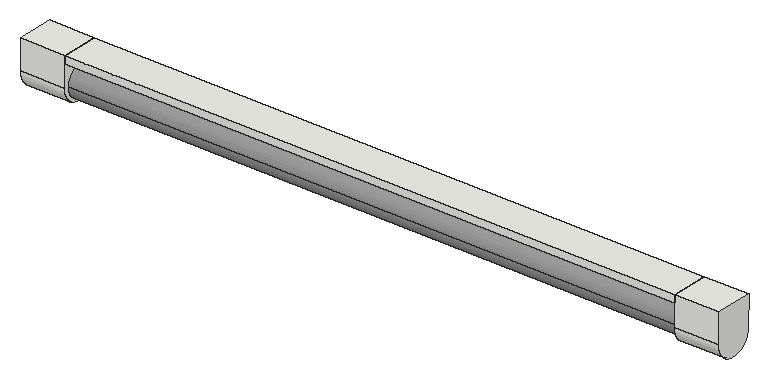
Revit family
Parameters (values of type "300mm")
  Wattage = 2.01963 W
  built-in parameter 1150110 = 1 (stored number, unit not read)
  built-in parameter 1114217 = 1 (stored number, unit not read)
  built-in parameter 1150109 = 1 (stored number, unit not read)
  built-in parameter 1150134 = 3
  built-in parameter 1150113 = 1 (stored number, unit not read)
  Material Tube = Glass - White, High Luminance
  Material Fitting = Metal - Paint Finish - Ivory,Glossy
  built-in parameter 1150105 = 23.873 (stored number, unit not read)
  built-in parameter 1150115 = 1 (stored number, unit not read)
  Light Source Symbol Size = 609.60 mm
  built-in parameter 1150137 = (empty or 0)
  built-in parameter 1150139 = (empty or 0)
  built-in parameter 1150112 = 1 (stored number, unit not read)
  built-in parameter 1150114 = 1 (stored number, unit not read)
  Lamp = ""
  Length = 300.00 mm
  Light Elevation = 1350.00 mm
  Lumens = 300 lm
  Wattage Comments = "5"
  Keynote = "V"
  built-in parameter 1150132 = 2
  built-in parameter 1150102 = (empty or 0)
  built-in parameter 1150107 = 3200 (stored number, unit not read)
  built-in parameter 1150138 = (empty or 0)
  built-in parameter 1150106 = 0.23873 (stored number, unit not read)
  Emit from Line Length = 261.90 mm
  built-in parameter 1150104 = 13.8 (stored number, unit not read)
  Dimming Lamp Color Temperature Shift = (empty or 0)
  Color Filter = 16777215
  built-in parameter 1114218 = 1 (stored number, unit not read)
  built-in parameter 1150133 = 10 (stored number, unit not read)
Types (3, lengths in mm): name | Length
  (no name) | 300.00
  300mm | 300.00
  1200mm | 1200.00
Reference planes
  plane 1 "Light Source Axis": y = 0
  plane 2: z = 0
  plane 3 "Light Source Axis": x = 0
  plane 4 "Light Source Elevation": z = 1337.3
  plane 5: x = -150
  plane 6: x = 150
  plane 7: x = 130.95
  plane 8: x = -130.95
  plane 9: z = 1350
Forms (mm)
  Sweep 1, solid, material "Glass - White, High Luminance" <- "Material Tube"
    path origin (0, 0, 1337.3) x (0, -1, 0) y (1, 0, 0)
      loop
        line (0, -130.95) -> (0, 130.95)
    profile origin (0, 0, 1337.3) x (0, 1, 0) y (0, 0, 1)
      loop
        circle (0, 0) r 6.35
  Extrusion 2, solid, material "Metal - Paint Finish - Ivory,Glossy" <- "Material Fitting"
    sketch origin (304.8, 0, 1371.6) x (0, 1, 0) y (0, 0, 1)
      loop
        line (7.938, -24.88) -> (7.938, -21.6) -> (-7.937, -21.6) -> (-7.937, -24.88) -> (7.938, -24.88)
    from -435.75 to -173.85
  Extrusion 3, solid, material "Metal - Paint Finish - Ivory,Glossy" <- "Material Fitting"
    sketch origin (-130.95, 0, 1315.7) x (0, 0, 1) y (0, 1, 0)
      loop
        arc (21.6, 7.938) -> (13.662, 0) -> (21.6, -7.937) r 7.938
        line (21.6, -7.937) -> (34.3, -7.937) -> (34.3, 7.938) -> (21.6, 7.938)
    from 0 to 19.05
  Extrusion 4, solid, material "Metal - Paint Finish - Ivory,Glossy" <- "Material Fitting"
    sketch origin (130.95, 0, 1330.95) x (0, 1, 0) y (0, 0, 1)
      loop
        arc (-7.938, 6.35) -> (0, -1.588) -> (7.937, 6.35) r 7.938
        line (7.937, 6.35) -> (7.937, 19.05) -> (-7.938, 19.05) -> (-7.938, 6.35)
    from 0 to 19.05
Lines and regions (mm)
  symbolic lines
    curve 1: line (150, 12.7, 0) -> (-150, 12.7, 0)
    curve 2: line (150, -12.7, 0) -> (150, 12.7, 0)
    curve 3: line (-150, -12.7, 0) -> (150, -12.7, 0)
    curve 4: line (-150, 12.7, 0) -> (-150, -12.7, 0)
Dimensions and locks
  equal spacing: plane 5, plane 3 "Light Source Axis", plane 6
  "Length": plane 5 to plane 6
  locked: plane 5 to plane 8 at 19.05
  locked: plane 7 to plane 6 at 19.05
  locked: plane 9 to plane 4 "Light Source Elevation" at 12.7
  "Light Elevation": plane 9 to plane 2
  aligned and locked: plane 8 to Sweep 1 sketch curve
  aligned and locked: plane 7 to Sweep 1 sketch curve
  aligned and locked: curve 1 to plane 6
  aligned and locked: Extrusion 4 to Sweep 1
  aligned and locked: Extrusion 3 to Sweep 1
  aligned and locked: plane 9 to Extrusion 3
  aligned and locked: plane 5 to Extrusion 3
  aligned and locked: Extrusion 4 to plane 6
  aligned and locked: plane 8 to Extrusion 2
  aligned and locked: Extrusion 2 to plane 7
  aligned and locked: plane 3 "Light Source Axis" to imposter light
  aligned and locked: plane 1 "Light Source Axis" to imposter light
  aligned and locked: plane 4 "Light Source Elevation" to imposter light
Automatic sketch dimensions
  Sweep 1 sketch curve to plane 4 "Light Source Elevation" = 0.00 mm
  Sweep 1 sketch curve to profile plane = 0.00 mm
  profile plane to Sweep 1 sketch curve = 6.35 mm
  Sweep 1 sketch curve to plane 1 "Light Source Axis" = 0.00 mm
  Extrusion 2 sketch curve to Extrusion 2 sketch curve = 3.28 mm
  curve 4 to plane 1 "Light Source Axis" = 12.70 mm
  curve 4 to plane 5 = 0.00 mm
  plane 1 "Light Source Axis" to curve 3 = 12.70 mm
  plane 1 "Light Source Axis" to Extrusion 2 sketch curve = 7.937 mm
  Extrusion 2 sketch curve to plane 1 "Light Source Axis" = 7.938 mm
  Extrusion 2 sketch curve to plane 4 "Light Source Elevation" = 9.42 mm
  Extrusion 3 sketch curve to plane 4 "Light Source Elevation" = 0.00 mm
  Extrusion 3 sketch curve to plane 1 "Light Source Axis" = 0.00 mm
  plane 1 "Light Source Axis" to Extrusion 3 sketch curve = 7.937 mm
  Extrusion 4 sketch curve to plane 4 "Light Source Elevation" = 0.00 mm
  Extrusion 4 sketch curve to plane 1 "Light Source Axis" = 0.00 mm
  plane 1 "Light Source Axis" to Extrusion 4 sketch curve = 7.938 mm
  Extrusion 3 sketch curve to plane 9 = 0.00 mm
  Extrusion 4 sketch curve to plane 9 = 0.00 mm
